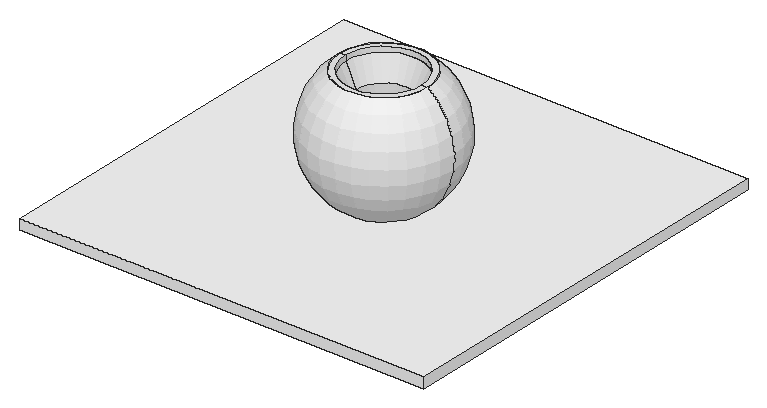
Revit family "BE_50856.2_de_DE", category Leuchten, Revit 2020
Family settings
  Basisbauteil = Fläche
  Bemaßung runder Anschluss = Durchmesser verwenden
  Teiletyp = Normal
  Beim Laden mit Abzugskörper schneiden = Ja
  Lichtquelle = Ja
  Gemeinsam genutzt = Nein
  Raumberechnungspunkt = Ja
Parameters (values of type "BEGA_50856.2_K3")
  built-in parameter 1150104 = 13.116 (stored number, unit not read)
  Wattage = 8.5 W
  Default Elevation = 0 mm
  built-in parameter 1150113 = 1 (stored number, unit not read)
  built-in parameter 1114218 = 1 (stored number, unit not read)
  Umgebungstemperatur = "25 °C"
  URL = "https://www.bega.com/de/produkt/50856.2"
  Typenkommentare = "© 2022 BEGA. Wir behalten uns das Recht vor, technische Änderungen ohne vorherige Ankündigung vorzunehmen."  # constant formula
  built-in parameter 1150134 = (empty or 0)
  built-in parameter 1150109 = 1 (stored number, unit not read)
  Strom = ""
  built-in parameter 1150110 = 1 (stored number, unit not read)
  Spannung = 239.996 V
  Sonderanfertigung = no
  Seriennummer [instance] = "Hier können Sie die eindeutige Seriennummer für das Facility Management eintragen."
  Schutzklasse = "I"
  Schutzart = "IP 20"
  Scheinlast = 0 VA
  Produktdatenblatt = "https://cdn.bega.com/bega/products/50856.2K3/current/documents/data-sheets/de"
  Oberflächentemperatur = ""
  Neigungswinkel = 0.00°
  Modell = "50856.2K3"
  Material_34 = BEGA_Oberfläche_Samtweiss_matt
  Material_23 = BEGA_Oberfläche_Chrom_poliert
  Material_22 = BEGA_Oberfläche_Aluminium_matt
  Material_17 = BEGA_Reflektor
  Material_15 = BEGA_Leuchtmedium_matt
  Material_13 = BEGA_Kunststoff_matt
  M_W = no
  M_G = no
  M_A = no
  Logo = 0
  built-in parameter 1114217 = 1 (stored number, unit not read)
  built-in parameter 1150139 = (empty or 0)
  built-in parameter 1150105 = 95.495 (stored number, unit not read)
  built-in parameter 1150114 = 1 (stored number, unit not read)
  Lumens = 1200.03 lm
  built-in parameter 1150115 = 1 (stored number, unit not read)
  Leuchtenlichtstrom = "884 lm"
  Leuchtenanzahl = ""
  Lebensdauerkriterien = "L70B50 @ 25 °C = 200000 h"
  Lastklassifizierung = Beleuchtung
  built-in parameter 1150112 = 1 (stored number, unit not read)
  Lampenlichtstrom = "1200 lm"
  Lampe = "LED 8.5 W"
  LED_Modulbezeichnung = "LED-0581/930"
  Hersteller = "BEGA"  # constant formula
  Halbstreuwinkel = ""
  Gewicht = "0.85 kg"
  Gebrauchslageneinschränkung [instance] = ""
  Frequenz = "0/50-60 Hz"
  Farbwiedergabeindex = "CRI > 90"
  Farbtemperaturverschiebung bei Dämpfen der Lampe = <Keine Auswahl>
  Farbtemperatur = "3000 K"
  Color Filter = 16777215
  built-in parameter 1150133 = 10 (stored number, unit not read)
  Energieeffizienzklasse = "LED A++ - A"
  built-in parameter 1150137 = (empty or 0)
  built-in parameter 1150132 = (empty or 0)
  ENEC = "ja"
  Dimmbar [instance] = "DALI"
  Datei für fotometrisches Netz = "BE_50856-2K3.ies"
  CE_Konformität = "ja"
  Bestellnummer = "50856.2K3"
  Beschreibung_Sonderanfertigung = "Hier können Sie Informationen zur Sonderanfertigung eintragen."
  Beschreibung = "Deckenleuchte · Tiefstrahler"
  built-in parameter 1150106 = 0.95495 (stored number, unit not read)
  Befestigungsbohrung = "Ø 4,5 mm"
  Befestigungsabstand = "36 mm"
  Ballwurfsicher = ""
  BEGA_Intern_aus = yes
  BEGA_Intern_an = yes
  BEGA_Intern_Konstruktion = yes
  BEGA_Intern = yes
  BEGA_IES = yes
  BEGA_Dummy = no
  Anschlussleitung = ""
  Anschlussleistung [instance] = "10 W"
  Anschlusskasten = ""
  built-in parameter 1150107 = 3000 (stored number, unit not read)
  built-in parameter 1150102 = (empty or 0)
  built-in parameter 1150138 = (empty or 0)
  Aktualisierung = "2022-11-11T04:00:03"
  Abstand_zur_angestrahlten_Fläche [instance] = ""
  AC/DC = "AC/DC"
Reference planes
  plane 1 "Mitte (Vorne/Hinten)": y = 0
  plane 2: z = 0
  plane 3 "Mitte (Links/Rechts)": x = 0
  plane 4 "Links": x = -70
  plane 5 "Rechts": x = 70
  plane 6 "Unten": y = -70
  plane 7 "Oben": y = 70
  plane 8 "Vorne": z = 114.032
  plane 9 "Hinten": z = 0
Forms (mm)
  Extrusion 1, solid, material "BEGA_Platte_Weiss"
    sketch origin (0, -1119.2, 0) x (1, 0, 0) y (0, 1, 0)
      loop
        line (-200, 1319.2) -> (-200, 919.2) -> (200, 919.2) -> (200, 1319.2) -> (-200, 1319.2)
    from 0 to -10
  Extrusion 2, solid, material "BEGA_Dummy_matt", visible <- "BEGA_Dummy"
    sketch origin (77.149, -76.023, 0) x (1, 0, 0) y (0, 1, 0)
      loop
        circle (-77.149, 76.023) r 70
    from 0 to 114.032
Dimensions and locks
  plane 1 "Mitte (Vorne/Hinten)" to Extrusion 1 = 200 mm
  aligned and locked: Extrusion 1 to plane 2
  aligned and locked: Extrusion 1 to level
Nested families
  nested 1: "BE_50856.2" at (0, 0, 0), type "BE_50856.2"
Connectors
  electrical at (0, 0, 0), driven by "Lastklassifizierung", driven by "Spannung", driven by "Scheinlast"
    settings: index 1, voltage 239.996 V, apparent load 0 VA, apparent load phase1 0 VA, apparent load phase2 0 VA, apparent load phase3 0 VA, power factor 1, load classification "Beleuchtung", number of poles 1, system type 31, power factor state 1, is connector primary yes, connector utility no, sub classification motor no, connector description ""
Definition of nested family "BE_50856.2"
  Parameters (values of type "BE_50856.2")
    Default Elevation = 1 mm
    URL = "http://www.bega.de/de/produkt"
    Type Comments = "© 2015 BEGA. Wir behalten uns das Recht vor, technische Änderungen ohne vorherige Ankündigung vorzunehmen. "  # constant formula
    Type Image = (empty or 0)
    Neigungswinkel_um_Z2 = 0.00°
    Neigungswinkel_um_Z1 = 0.00°
    Neigungswinkel_um_Y2 = 0.00°
    Neigungswinkel_um_Y1 = 0.00°
    Neigungswinkel_um_X2 = 0.00°
    Neigungswinkel_um_X1 = 0.00°
    Material_34 = none
    Material_23 = none
    Material_22 = none
    Material_17 = none
    Material_15 = none
    Material_13 = none
    M_W = yes
    M_G = yes
    M_A = yes
    Länge_Platte = 200 mm  # constant formula
    Höhe_Platte = -10 mm  # constant formula
    Manufacturer = "BEGA"  # constant formula
    Drehwinkel_um_Z2 = 0.00°
    Drehwinkel_um_Z1 = 0.00°
    Breite_Platte = 200 mm  # constant formula
  Reference planes
    plane 1 "Mitte (Oben/Unten)": y = 0
    plane 2: z = 0
    plane 3 "Mitte (Links/Rechts)": x = 0
    plane 4: z = 114.032
    plane 5: x = 70
    plane 6: x = -70
    plane 7: y = 70
    plane 8: y = -70
  Forms (mm)
    Extrusion 1, solid, detail levels medium
      sketch origin (0, 0, 0) x (1, 0, 0) y (0, 1, 0)
        loop
          line (-100, 100) -> (-100, -100) -> (100, -100) -> (100, 100) -> (-100, 100)
      from 0 to -10 <- "Höhe_Platte"
    Revolve 2, solid, material <- "Material_34"
      sketch origin (0, 0, 0) x (1, 0, 0) y (0, 0, 1)
        loop
          arc (-43.64, 114.032) -> (-69.938, 56.364) -> (-38.9, 1.104) r 70
          line (-38.9, 1.104) -> (-29.942, 1.104) -> (-30, 0) -> (-23, 0) -> (-22.651, 10) -> (0, 10) -> (0, 12) -> (-47.452, 12)
          arc (-47.452, 12) -> (-66.996, 58.608) -> (-48.419, 105.61) r 67
          line (-48.419, 105.61) -> (-42.981, 105.61) -> (-43.64, 114.032)
        axis (0, 114.032) -> (0, 0)
      angle from 0 to 360
    Revolve 3, solid, material <- "Material_23"
      sketch origin (0, 0, 0) x (1, 0, 0) y (0, 0, 1)
        loop
          line (-37.58, 109.11) -> (-37.847, 113.91) -> (-43.5, 113.91) -> (-43.332, 109.11) -> (-37.58, 109.11)
        axis (0, 113.91) -> (0, 109.11)
      angle from 0 to 360
    Revolve 4, solid, material <- "Material_22"
      sketch origin (0, 0, 0) x (1, 0, 0) y (0, 0, 1)
        loop
          line (-37.8, 109.11) -> (-39.6, 109.11) -> (-39.6, 108.11) -> (-38.443, 108.11) -> (-29.22, 87.871) -> (-27.725, 87.003) -> (-37.8, 109.11)
        axis (0, 109.11) -> (0, 87.003)
      angle from 0 to 360
    Revolve 5, solid, material <- "Material_13"
      sketch origin (0, 0, 0) x (1, 0, 0) y (0, 0, 1)
        loop
          arc (0, 75.56) -> (-6.282, 73.941) -> (-11, 69.488) r 13
          line (-11, 69.488) -> (-12.002, 69.488) -> (-12.002, 68.088) -> (-9.75, 68.088) -> (-9.75, 69.206)
          arc (-9.75, 69.206) -> (-5.514, 72.992) -> (0, 74.36) r 11.8
          line (0, 74.36) -> (0, 75.56)
        axis (0, 75.56) -> (0, 68.088)
      angle from 0 to 360
    Revolve 6, solid, material <- "Material_17"
      sketch origin (0, 0, 0) x (1, 0, 0) y (0, 0, 1)
        loop
          line (-27.68, 86.988) -> (-29.007, 86.988)
          arc (-29.007, 86.988) -> (-23.383, 78.002) -> (-16.435, 69.995) r 68.265
          line (-16.435, 69.995) -> (-11, 69.52) -> (-11, 70.523) -> (-16.038, 70.964)
          arc (-16.038, 70.964) -> (-22.355, 78.616) -> (-27.68, 86.988) r 80.266
        axis (0, 86.988) -> (0, 69.52)
      angle from 0 to 360
    Extrusion 7, void
      sketch origin (0, 0, 0) x (1, 0, 0) y (0, 1, 0)
        loop
          circle (-18, 0) r 2.25
        loop
          circle (18, 0) r 2.25
      from 0 to 24.421
    Extrusion 8, solid, material <- "Material_15"
      sketch origin (0, 0, 0) x (1, 0, 0) y (0, 1, 0)
        loop
          circle (0, 0) r 5.6
      from 65.562 to 67.566
  Cuts and joins
    Extrusion 7 cuts Revolve 2
    Extrusion 7 cuts Revolve 6
  Dimensions and locks
    equal spacing: Extrusion 1 sketch curve, plane 3 "Mitte (Links/Rechts)", Extrusion 1 sketch curve
    equal spacing: Extrusion 1 sketch curve, plane 1 "Mitte (Oben/Unten)", Extrusion 1 sketch curve
    "Länge_Platte": Extrusion 1 sketch curve to Extrusion 1 sketch curve
    "Breite_Platte": Extrusion 1 sketch curve to Extrusion 1 sketch curve
    level to cut or joined group of Revolve 2, Extrusion 7 = 1.104 mm
    aligned and locked: Extrusion 1 to plane 2
    aligned and locked: Extrusion 1 to level
  Automatic sketch dimensions
    Revolve 2 sketch curve to plane 3 "Mitte (Links/Rechts)" = 0 mm  (x2)
    level to Revolve 2 sketch curve = 1.104 mm
    Revolve 2 sketch curve to Revolve 2 sketch curve = 8.9 mm
    Revolve 2 sketch curve to Revolve 2 sketch curve = 0.058 mm
    Revolve 2 sketch curve to Revolve 2 sketch curve = 7 mm
    Revolve 2 sketch curve to Revolve 2 sketch curve = 0.349 mm
    Revolve 2 sketch curve to Revolve 2 sketch curve = 0 mm  (x2)
    Revolve 2 sketch curve to Revolve 2 sketch curve = 4.779 mm
    Revolve 2 sketch curve to Revolve 2 sketch curve = 8.552 mm
    Revolve 2 sketch curve to Revolve 2 sketch curve = 22.651 mm
    level to Revolve 2 sketch curve = 10 mm
    Revolve 2 sketch curve to Revolve 2 sketch curve = 2 mm
    Revolve 2 sketch curve to Revolve 2 sketch curve = 47.3 mm
    Revolve 2 sketch curve to level = 0 mm
    Revolve 2 sketch curve to Revolve 2 sketch curve = 5.438 mm
    Revolve 2 sketch curve to Revolve 2 sketch curve = 8.422 mm
    Revolve 3 sketch curve to plane 3 "Mitte (Links/Rechts)" = 43.332 mm
    Revolve 3 sketch curve to Revolve 3 sketch curve = 5.752 mm
    level to Revolve 3 sketch curve = 109.11 mm
    Revolve 3 sketch curve to Revolve 3 sketch curve = 0.168 mm
    Revolve 3 sketch curve to Revolve 3 sketch curve = 0.266 mm
    Revolve 3 sketch curve to Revolve 3 sketch curve = 4.8 mm
    Revolve 5 sketch curve to Revolve 5 sketch curve = 0 mm
    Revolve 5 sketch curve to plane 3 "Mitte (Links/Rechts)" = 0 mm
    Revolve 5 sketch curve to plane 3 "Mitte (Links/Rechts)" = 9.75 mm
    Revolve 5 sketch curve to Revolve 5 sketch curve = 1.25 mm
    level to Revolve 5 sketch curve = 62.56 mm
    Revolve 5 sketch curve to Revolve 5 sketch curve = 6.647 mm
    Revolve 5 sketch curve to Revolve 5 sketch curve = 0.282 mm
    Revolve 5 sketch curve to Revolve 5 sketch curve = 1.002 mm
    Revolve 5 sketch curve to Revolve 5 sketch curve = 1.118 mm
    Revolve 4 sketch curve to plane 3 "Mitte (Links/Rechts)" = 0 mm
    Revolve 4 sketch curve to Revolve 4 sketch curve = 0.643 mm
    Revolve 4 sketch curve to Revolve 4 sketch curve = 1.157 mm
    Revolve 4 sketch curve to Revolve 4 sketch curve = 1 mm
    Revolve 4 sketch curve to level = 413.745 mm
    Revolve 4 sketch curve to Revolve 4 sketch curve = 1.494 mm
    Revolve 4 sketch curve to Revolve 4 sketch curve = 0.868 mm
    Revolve 4 sketch curve to Revolve 4 sketch curve = 8.58 mm
    Revolve 4 sketch curve to Revolve 4 sketch curve = 20.239 mm
    Revolve 4 sketch curve to Revolve 4 sketch curve = 675.758 mm
    Revolve 4 sketch curve to plane 3 "Mitte (Links/Rechts)" = 27.725 mm
    level to Revolve 4 sketch curve = 87.003 mm
    Revolve 6 sketch curve to plane 3 "Mitte (Links/Rechts)" = 16.435 mm
    Revolve 6 sketch curve to Revolve 6 sketch curve = 0.396 mm
    Revolve 6 sketch curve to Revolve 6 sketch curve = 5.038 mm
    plane 3 "Mitte (Links/Rechts)" to Revolve 6 sketch curve = 31.495 mm
    Revolve 6 sketch curve to Revolve 6 sketch curve = 11.086 mm
    level to Revolve 6 sketch curve = 69.52 mm
    Revolve 6 sketch curve to Revolve 6 sketch curve = 0.475 mm
    Revolve 6 sketch curve to Revolve 6 sketch curve = 1.004 mm
    Revolve 6 sketch curve to Revolve 6 sketch curve = 0.969 mm
    Revolve 6 sketch curve to Revolve 6 sketch curve = 7.19 mm
    Revolve 6 sketch curve to Revolve 6 sketch curve = 11.642 mm
    Revolve 6 sketch curve to Revolve 6 sketch curve = 1.327 mm
    plane 1 "Mitte (Oben/Unten)" to Extrusion 7 sketch curve = 0 mm  (x2)
    Extrusion 7 sketch curve to plane 3 "Mitte (Links/Rechts)" = 18 mm
    plane 3 "Mitte (Links/Rechts)" to Extrusion 7 sketch curve = 18 mm
    radius of Extrusion 7 sketch curve = 2.25 mm  (x2)
